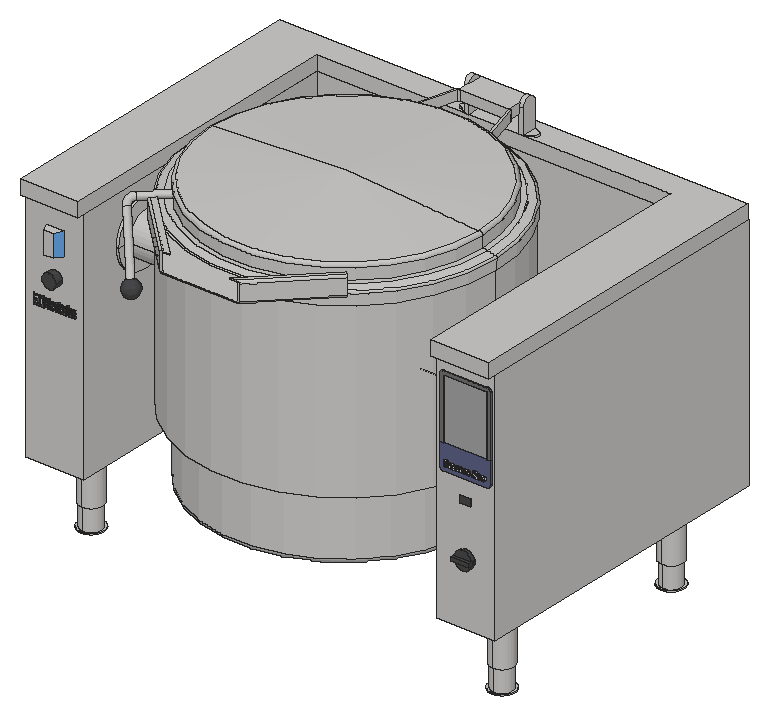
Revit family "QF_ELECTROLUXPROFESSIONAL_587104_PBOT15ECIO", category Attrezzature speciali, Revit 2020 (continued)
Definition of nested family "QF_ELECTROLUXPROFESSIONAL_PBOT900_LEFT"
  Automatic sketch dimensions
    Extrusion 5 sketch curve to Extrusion 5 sketch curve = 1.497 mm
    Extrusion 5 sketch curve to Extrusion 5 sketch curve = 1.979 mm
    Extrusion 5 sketch curve to Extrusion 5 sketch curve = 1.653 mm
    Extrusion 5 sketch curve to Extrusion 5 sketch curve = 0.085 mm
    Extrusion 5 sketch curve to Extrusion 5 sketch curve = 0.315 mm
    Extrusion 5 sketch curve to Extrusion 5 sketch curve = 3.811 mm
    Extrusion 5 sketch curve to Extrusion 5 sketch curve = 2.136 mm  (x2)
    Extrusion 5 sketch curve to Extrusion 5 sketch curve = 2.352 mm  (x2)
    Extrusion 5 sketch curve to plane 10 "TOP" = 289.122 mm
    Extrusion 5 sketch curve to Extrusion 5 sketch curve = 3.797 mm
    Extrusion 5 sketch curve to plane 10 "TOP" = 296.104 mm
    Extrusion 5 sketch curve to Extrusion 5 sketch curve = 1.528 mm
    Extrusion 5 sketch curve to plane 10 "TOP" = 290.598 mm
    Extrusion 5 sketch curve to Extrusion 5 sketch curve = 1.476 mm
    Extrusion 5 sketch curve to plane 10 "TOP" = 294.635 mm
    Extrusion 5 sketch curve to Extrusion 5 sketch curve = 1.469 mm
    Extrusion 5 sketch curve to Extrusion 5 sketch curve = 3.728 mm
    Extrusion 5 sketch curve to Extrusion 5 sketch curve = 0.046 mm
    Extrusion 5 sketch curve to Extrusion 5 sketch curve = 0.177 mm
    Extrusion 5 sketch curve to Extrusion 5 sketch curve = 0.947 mm
    Extrusion 5 sketch curve to Extrusion 5 sketch curve = 0.308 mm
    Extrusion 5 sketch curve to Extrusion 5 sketch curve = 0.091 mm
    Extrusion 5 sketch curve to Extrusion 5 sketch curve = 2.375 mm
    Extrusion 5 sketch curve to Extrusion 5 sketch curve = 0.94 mm
    Extrusion 5 sketch curve to Extrusion 5 sketch curve = 0.54 mm
    Extrusion 5 sketch curve to Extrusion 5 sketch curve = 0.102 mm
    Extrusion 5 sketch curve to Extrusion 5 sketch curve = 0.002 mm  (x4)
    Extrusion 5 sketch curve to Extrusion 5 sketch curve = 0.105 mm
    Extrusion 5 sketch curve to Extrusion 5 sketch curve = 0.097 mm
    Extrusion 5 sketch curve to Extrusion 5 sketch curve = 3.982 mm
    Extrusion 5 sketch curve to Extrusion 5 sketch curve = 0.17 mm
    Extrusion 5 sketch curve to Extrusion 5 sketch curve = 6.49 mm
    Extrusion 5 sketch curve to Extrusion 5 sketch curve = 1.777 mm
    Extrusion 5 sketch curve to plane 10 "TOP" = 296.072 mm
    Extrusion 5 sketch curve to Extrusion 5 sketch curve = 0.63 mm
    Extrusion 5 sketch curve to Extrusion 5 sketch curve = 1.001 mm
    Extrusion 5 sketch curve to plane 10 "TOP" = 294.678 mm
    Extrusion 5 sketch curve to Extrusion 5 sketch curve = 1.393 mm
    Extrusion 5 sketch curve to Extrusion 5 sketch curve = 2.363 mm
    Extrusion 5 sketch curve to Extrusion 5 sketch curve = 2.253 mm
    Extrusion 5 sketch curve to Extrusion 5 sketch curve = 0.014 mm  (x4)
    Extrusion 5 sketch curve to Extrusion 5 sketch curve = 0.172 mm
    Extrusion 5 sketch curve to Extrusion 5 sketch curve = 0.096 mm
    Extrusion 5 sketch curve to Extrusion 5 sketch curve = 0.164 mm
    Extrusion 5 sketch curve to Extrusion 5 sketch curve = 0.298 mm
    Extrusion 5 sketch curve to Extrusion 5 sketch curve = 0.247 mm
    Extrusion 5 sketch curve to Extrusion 5 sketch curve = 0.084 mm
    Extrusion 5 sketch curve to Extrusion 5 sketch curve = 6.484 mm
    Extrusion 5 sketch curve to Extrusion 5 sketch curve = 2.596 mm
    Extrusion 5 sketch curve to Extrusion 5 sketch curve = 0.059 mm  (x2)
    Extrusion 5 sketch curve to Extrusion 5 sketch curve = 3.889 mm
    Extrusion 5 sketch curve to plane 10 "TOP" = 307.979 mm
    Extrusion 5 sketch curve to Extrusion 5 sketch curve = 6.029 mm
    Extrusion 5 sketch curve to plane 10 "TOP" = 305.988 mm
    Extrusion 5 sketch curve to Extrusion 5 sketch curve = 0.929 mm
    Extrusion 5 sketch curve to Extrusion 5 sketch curve = 1.102 mm
    Extrusion 5 sketch curve to Extrusion 5 sketch curve = 0.756 mm  (x2)
    Extrusion 5 sketch curve to plane 10 "TOP" = 306.353 mm
    Extrusion 5 sketch curve to Extrusion 5 sketch curve = 0.852 mm
    Extrusion 5 sketch curve to Extrusion 5 sketch curve = 0.108 mm
    Extrusion 5 sketch curve to Extrusion 5 sketch curve = 0.101 mm
    Extrusion 5 sketch curve to Extrusion 5 sketch curve = 0.072 mm
    Extrusion 5 sketch curve to Extrusion 5 sketch curve = 1.67 mm
    Extrusion 5 sketch curve to Extrusion 5 sketch curve = 1.834 mm
    Extrusion 5 sketch curve to Extrusion 5 sketch curve = 0.366 mm
    Extrusion 5 sketch curve to Extrusion 5 sketch curve = 0.993 mm
    Extrusion 5 sketch curve to Extrusion 5 sketch curve = 0.81 mm
    Extrusion 5 sketch curve to Extrusion 5 sketch curve = 1.026 mm  (x2)
    Extrusion 5 sketch curve to Extrusion 5 sketch curve = 4.272 mm
    Extrusion 5 sketch curve to Extrusion 5 sketch curve = 0.163 mm
    Extrusion 5 sketch curve to Extrusion 5 sketch curve = 0.551 mm
    Extrusion 5 sketch curve to Extrusion 5 sketch curve = 6.11 mm
    Extrusion 5 sketch curve to Extrusion 5 sketch curve = 1.451 mm
    Extrusion 5 sketch curve to Extrusion 5 sketch curve = 5.217 mm
    Extrusion 5 sketch curve to Extrusion 5 sketch curve = 0.045 mm  (x2)
    Extrusion 5 sketch curve to Extrusion 5 sketch curve = 0.241 mm
    Extrusion 5 sketch curve to Extrusion 5 sketch curve = 0.039 mm
    Extrusion 5 sketch curve to Extrusion 5 sketch curve = 1.134 mm
    Extrusion 5 sketch curve to Extrusion 5 sketch curve = 2.351 mm
    Extrusion 5 sketch curve to Extrusion 5 sketch curve = 3.993 mm
    Extrusion 5 sketch curve to Extrusion 5 sketch curve = 10.128 mm
    Extrusion 5 sketch curve to Extrusion 5 sketch curve = 0.956 mm
    Extrusion 5 sketch curve to Extrusion 5 sketch curve = 1.263 mm
    Extrusion 5 sketch curve to Extrusion 5 sketch curve = 2.577 mm
    Extrusion 5 sketch curve to Extrusion 5 sketch curve = 0.243 mm
    Extrusion 5 sketch curve to Extrusion 5 sketch curve = 0.031 mm
    Extrusion 5 sketch curve to Extrusion 5 sketch curve = 7.148 mm
    Extrusion 5 sketch curve to Extrusion 5 sketch curve = 1.502 mm
    Extrusion 5 sketch curve to Extrusion 5 sketch curve = 11.54 mm
    Extrusion 5 sketch curve to Extrusion 5 sketch curve = 11.758 mm
    Extrusion 5 sketch curve to Extrusion 5 sketch curve = 4.097 mm
    Extrusion 5 sketch curve to Extrusion 5 sketch curve = 0.011 mm
    Extrusion 5 sketch curve to Extrusion 5 sketch curve = 4.488 mm
    Extrusion 5 sketch curve to Extrusion 5 sketch curve = 11.908 mm
    Extrusion 5 sketch curve to Extrusion 5 sketch curve = 2.236 mm
    Extrusion 5 sketch curve to Extrusion 5 sketch curve = 0.22 mm
    Extrusion 5 sketch curve to Extrusion 5 sketch curve = 0.319 mm
    Extrusion 5 sketch curve to Extrusion 5 sketch curve = 1.192 mm
    Extrusion 5 sketch curve to Extrusion 5 sketch curve = 3.577 mm  (x2)
    Extrusion 5 sketch curve to Extrusion 5 sketch curve = 3.444 mm  (x2)
    Extrusion 5 sketch curve to Extrusion 5 sketch curve = 1.626 mm  (x2)
    Extrusion 5 sketch curve to Extrusion 5 sketch curve = 2.021 mm
    Extrusion 5 sketch curve to Extrusion 5 sketch curve = 2.967 mm
    Extrusion 5 sketch curve to Extrusion 5 sketch curve = 1.22 mm
    Extrusion 5 sketch curve to Extrusion 5 sketch curve = 3.412 mm
    Extrusion 5 sketch curve to Extrusion 5 sketch curve = 0.892 mm  (x3)
    Extrusion 5 sketch curve to Extrusion 5 sketch curve = 0.58 mm  (x2)
    Extrusion 5 sketch curve to Extrusion 5 sketch curve = 2.117 mm
    Extrusion 5 sketch curve to Extrusion 5 sketch curve = 0.295 mm  (x2)
    Extrusion 5 sketch curve to Extrusion 5 sketch curve = 0.618 mm
    Extrusion 5 sketch curve to Extrusion 5 sketch curve = 1.65 mm
    Extrusion 5 sketch curve to Extrusion 5 sketch curve = 1.662 mm
    Extrusion 5 sketch curve to Extrusion 5 sketch curve = 0.013 mm  (x2)
    Extrusion 5 sketch curve to Extrusion 5 sketch curve = 0.292 mm
    Extrusion 5 sketch curve to Extrusion 5 sketch curve = 0.107 mm  (x2)
    Extrusion 5 sketch curve to Extrusion 5 sketch curve = 0.068 mm  (x2)
    Extrusion 5 sketch curve to Extrusion 5 sketch curve = 2.361 mm
    Extrusion 5 sketch curve to Extrusion 5 sketch curve = 2.359 mm
    Extrusion 5 sketch curve to Extrusion 5 sketch curve = 0.531 mm  (x2)
    Extrusion 5 sketch curve to Extrusion 5 sketch curve = 0.928 mm  (x2)
    Extrusion 5 sketch curve to Extrusion 5 sketch curve = 1.058 mm
    Extrusion 5 sketch curve to Extrusion 5 sketch curve = 0.297 mm  (x2)
    Extrusion 5 sketch curve to Extrusion 5 sketch curve = 0.155 mm  (x2)
    Extrusion 5 sketch curve to Extrusion 5 sketch curve = 0.182 mm  (x2)
    Extrusion 5 sketch curve to Extrusion 5 sketch curve = 0.607 mm  (x2)
    Extrusion 5 sketch curve to Extrusion 5 sketch curve = 0.372 mm  (x2)
    Extrusion 5 sketch curve to Extrusion 5 sketch curve = 0.016 mm  (x2)
    Extrusion 5 sketch curve to Extrusion 5 sketch curve = 0.996 mm
    Extrusion 5 sketch curve to Extrusion 5 sketch curve = 0.93 mm
    Extrusion 5 sketch curve to Extrusion 5 sketch curve = 0.709 mm  (x2)
    Extrusion 5 sketch curve to Extrusion 5 sketch curve = 1.017 mm
    Extrusion 5 sketch curve to Extrusion 5 sketch curve = 4.718 mm
    Extrusion 5 sketch curve to Extrusion 5 sketch curve = 0.891 mm
    Extrusion 5 sketch curve to Extrusion 5 sketch curve = 3.826 mm
    Extrusion 5 sketch curve to Extrusion 5 sketch curve = 0.954 mm
    Extrusion 5 sketch curve to Extrusion 5 sketch curve = 5.576 mm
    Extrusion 5 sketch curve to Extrusion 5 sketch curve = 5.661 mm  (x2)
    Extrusion 5 sketch curve to Extrusion 5 sketch curve = 0.006 mm
    Extrusion 5 sketch curve to Extrusion 5 sketch curve = 2.203 mm
    Extrusion 5 sketch curve to Extrusion 5 sketch curve = 2.21 mm
    Extrusion 5 sketch curve to Extrusion 5 sketch curve = 1.607 mm
    Extrusion 5 sketch curve to Extrusion 5 sketch curve = 3.92 mm
    Extrusion 5 sketch curve to Extrusion 5 sketch curve = 0.05 mm
    Extrusion 5 sketch curve to Extrusion 5 sketch curve = 1.776 mm
    Extrusion 5 sketch curve to Extrusion 5 sketch curve = 4.017 mm
    Extrusion 5 sketch curve to Extrusion 5 sketch curve = 0.196 mm  (x2)
    Extrusion 5 sketch curve to Extrusion 5 sketch curve = 0.19 mm
    Extrusion 5 sketch curve to Extrusion 5 sketch curve = 1.312 mm
    Extrusion 5 sketch curve to Extrusion 5 sketch curve = 0.146 mm
    Extrusion 5 sketch curve to Extrusion 5 sketch curve = 2.831 mm
    Extrusion 5 sketch curve to Extrusion 5 sketch curve = 0.387 mm
    Extrusion 5 sketch curve to Extrusion 5 sketch curve = 0.174 mm
    Extrusion 5 sketch curve to Extrusion 5 sketch curve = 4.623 mm
    Extrusion 5 sketch curve to Extrusion 5 sketch curve = 1.754 mm
    Extrusion 5 sketch curve to Extrusion 5 sketch curve = 0.188 mm
    Extrusion 5 sketch curve to Extrusion 5 sketch curve = 0.02 mm
    Extrusion 5 sketch curve to Extrusion 5 sketch curve = 0.313 mm
    Extrusion 5 sketch curve to Extrusion 5 sketch curve = 0.12 mm
    Extrusion 5 sketch curve to Extrusion 5 sketch curve = 0.062 mm
    Extrusion 5 sketch curve to Extrusion 5 sketch curve = 0.568 mm
    Extrusion 5 sketch curve to Extrusion 5 sketch curve = 0.095 mm
    Extrusion 5 sketch curve to Extrusion 5 sketch curve = 0.357 mm
    Extrusion 5 sketch curve to Extrusion 5 sketch curve = 0.008 mm
    Extrusion 5 sketch curve to Extrusion 5 sketch curve = 0.36 mm
    Extrusion 5 sketch curve to Extrusion 5 sketch curve = 3.784 mm
    Extrusion 5 sketch curve to Extrusion 5 sketch curve = 1.654 mm
    Extrusion 5 sketch curve to Extrusion 5 sketch curve = 1.454 mm
    Extrusion 5 sketch curve to Extrusion 5 sketch curve = 3.429 mm
    Extrusion 5 sketch curve to Extrusion 5 sketch curve = 1.094 mm
    Extrusion 5 sketch curve to Extrusion 5 sketch curve = 2.218 mm
    Extrusion 5 sketch curve to Extrusion 5 sketch curve = 1.404 mm
    Extrusion 5 sketch curve to Extrusion 5 sketch curve = 5.959 mm
    Extrusion 5 sketch curve to Extrusion 5 sketch curve = 1.424 mm
    Extrusion 5 sketch curve to Extrusion 5 sketch curve = 3.23 mm
    Extrusion 5 sketch curve to Extrusion 5 sketch curve = 1.975 mm
    Extrusion 5 sketch curve to Extrusion 5 sketch curve = 3.779 mm
    Extrusion 5 sketch curve to Extrusion 5 sketch curve = 2.212 mm
    Extrusion 5 sketch curve to Extrusion 5 sketch curve = 3.78 mm
    Extrusion 5 sketch curve to Extrusion 5 sketch curve = 1.279 mm
    Extrusion 5 sketch curve to Extrusion 5 sketch curve = 1.343 mm  (x2)
    Extrusion 5 sketch curve to Extrusion 5 sketch curve = 1.353 mm  (x2)
    Extrusion 5 sketch curve to Extrusion 5 sketch curve = 0.027 mm  (x2)
    Extrusion 5 sketch curve to Extrusion 5 sketch curve = 0.395 mm  (x2)
    Extrusion 5 sketch curve to Extrusion 5 sketch curve = 0.329 mm  (x2)
    Extrusion 5 sketch curve to Extrusion 5 sketch curve = 0.425 mm  (x2)
    Extrusion 5 sketch curve to Extrusion 5 sketch curve = 0.051 mm  (x2)
    Extrusion 5 sketch curve to Extrusion 5 sketch curve = 0.495 mm  (x2)
    Extrusion 5 sketch curve to Extrusion 5 sketch curve = 0.267 mm  (x2)
    Extrusion 5 sketch curve to Extrusion 5 sketch curve = 1.4 mm
    Extrusion 5 sketch curve to Extrusion 5 sketch curve = 5.233 mm
    Extrusion 5 sketch curve to Extrusion 5 sketch curve = 2.062 mm
    Extrusion 6 sketch curve to plane 13 "HW_CW" = 0.0 mm  (x2)
    Extrusion 6 sketch curve to plane 15 = 0.0 mm
    Extrusion 6 sketch curve to plane 14 = 0.0 mm
    radius of Extrusion 2 sketch curve = 20.0 mm
    radius of Extrusion 3 sketch curve = 6.35 mm  (x2)
    radius of Extrusion 5 sketch curve = 2.453 mm
    radius of Extrusion 5 sketch curve = 1.557 mm
    radius of Extrusion 5 sketch curve = 1.468 mm
    radius of Extrusion 5 sketch curve = 2.451 mm
    radius of Extrusion 6 sketch curve = 5.0 mm  (x2)
Definition of nested family "QF_ELECTROLUXPROFESSIONAL_PBOT900_RIGHT"
  Parameters
    Width = 160.0 mm
    Right = Width / 2  # 80.0 mm
    Default Elevation = 0.0 mm
    Left = -Width / 2  # -80.0 mm
    Htop = 40.0 mm
    Height = 900.0 mm
    HBase = 200.0 mm
    EI_z = 250.0 mm
    EI_y = 239.0 mm
    Depth = 900.0 mm
    BorderFront = 20.0 mm
    Body Finish [instance] = none
  Reference planes
    plane 1 "Center (Front/Back)": y = 0
    plane 2: z = 0
    plane 3 "Center (Left/Right)": x = 0
    plane 4 "LEFT": x = -80
    plane 5 "RIGHT": x = 80
    plane 6 "BACK": y = 450
    plane 7 "FRONT": y = -450
    plane 8 "Base": z = 200
    plane 9 "TOP": z = 900
    plane 10 "BorderFront": y = -430
    plane 11: z = 860
    plane 12 "EI": z = 450
    plane 13: y = 211
  Forms (mm)
    Extrusion 1, solid
      sketch origin (0, 0, 0) x (1, 0, 0) y (0, 1, 0)
        loop
          line (-80, 450) -> (-80, -430) -> (80, -430) -> (80, 450) -> (-80, 450)
      from 860 to 200
    Extrusion 2, solid
      sketch origin (0, -430, 0) x (-1, 0, 0) y (0, 0, 1)
        loop
          line (59.714, 823.989) -> (-61.821, 823.989)
          arc (-61.821, 823.989) -> (-68.892, 821.06) -> (-71.821, 813.989) r 10
          line (-71.821, 813.989) -> (-71.821, 644.744) -> (-61.821, 644.744) -> (-61.821, 813.989) -> (59.714, 813.989) -> (59.714, 644.744) -> (69.714, 644.744) -> (69.714, 813.989)
          arc (69.714, 813.989) -> (66.786, 821.06) -> (59.714, 823.989) r 10
      from 0 to -3
    Extrusion 3, solid
      sketch origin (0, -430, 0) x (-1, 0, 0) y (0, 0, 1)
        loop
          circle (0, 375.28) r 25
      from 0 to -10
    Extrusion 4, solid
      sketch origin (0, -430, 0) x (-1, 0, 0) y (0, 0, 1)
        loop
          line (24.382, 380.806) -> (-24.382, 380.806)
          arc (-24.382, 380.806) -> (-25, 375.28) -> (-24.382, 369.753) r 25
          line (-24.382, 369.753) -> (24.382, 369.753)
          arc (24.382, 369.753) -> (25, 375.28) -> (24.382, 380.806) r 25
      from 0 to -20
    Extrusion 5, solid
      sketch origin (0, -430, 0) x (-1, 0, 0) y (0, 0, 1)
        loop
          line (69.714, 585) -> (69.714, 644.744) -> (-71.821, 644.744) -> (-71.821, 585)
          arc (-71.821, 585) -> (-68.892, 577.929) -> (-61.821, 575) r 10
          line (-61.821, 575) -> (59.714, 575)
          arc (59.714, 575) -> (66.786, 577.929) -> (69.714, 585) r 10
      from -3 to 0
    Extrusion 6, solid
      sketch origin (234.714, -430, 0) x (-1, 0, 0) y (0, 0, 1)
        loop
          line (294.429, 813.989) -> (172.894, 813.989) -> (172.894, 644.744) -> (294.429, 644.744) -> (294.429, 813.989)
      from 0 to -3
    Extrusion 7, solid
      sketch origin (0, -430, 0) x (-1, 0, 0) y (0, 0, 1)
        loop
          line (15, 530) -> (-15, 530) -> (-15, 510) -> (15, 510) -> (15, 530)
      from -1.6 to 0
    Extrusion 8, solid
      sketch origin (0, 450, 0) x (-1, 0, 0) y (0, 0, 1)
        loop
          circle (0, 450) r 5
      from 0 to 2
    Extrusion 9, solid
      sketch origin (0, 0, 200) x (0, 1, 0) y (-1, 0, 0)
        loop
          circle (211, 0) r 10
      from 0 to -3
  Lines and regions (mm)
    symbolic lines
      curve 1: line (-80, 450, 0) -> (80, 450, 0)
      curve 2: line (80, 450, 0) -> (80, -430, 0)
  Dimensions and locks
    "Width": plane 4 "LEFT" to plane 5 "RIGHT"
    equal spacing: plane 4 "LEFT", plane 3 "Center (Left/Right)", plane 5 "RIGHT"
    equal spacing: plane 6 "BACK", plane 1 "Center (Front/Back)", plane 7 "FRONT"
    "Depth": plane 6 "BACK" to plane 7 "FRONT"
    "BorderFront": plane 10 "BorderFront" to plane 7 "FRONT"
    "Htop": plane 9 "TOP" to plane 11
    "Height": plane 9 "TOP" to level
    "HBase": plane 8 "Base" to level
    Extrusion 4 sketch curve to Extrusion 4 sketch curve = 11.053 mm
    "EI_y": plane 6 "BACK" to plane 13
    "EI_z": plane 12 "EI" to plane 8 "Base"
    aligned and locked: level to plane 2
    aligned and locked: plane 10 "BorderFront" to Extrusion 1 sketch curve
    aligned and locked: plane 11 to Extrusion 1
    aligned and locked: Extrusion 1 to plane 8 "Base"
    aligned and locked: plane 4 "LEFT" to Extrusion 1 sketch curve
    aligned and locked: Extrusion 1 sketch curve to plane 5 "RIGHT"
    aligned and locked: Extrusion 1 sketch curve to plane 6 "BACK"
  Automatic sketch dimensions
    Extrusion 3 sketch curve to plane 3 "Center (Left/Right)" = 0.0 mm
    plane 8 "Base" to Extrusion 3 sketch curve = 175.28 mm
    Extrusion 4 sketch curve to Extrusion 4 sketch curve = 0.0 mm  (x3)
    Extrusion 4 sketch curve to plane 3 "Center (Left/Right)" = 0.0 mm
    plane 3 "Center (Left/Right)" to Extrusion 4 sketch curve = 24.382 mm
    Extrusion 4 sketch curve to plane 3 "Center (Left/Right)" = 24.382 mm
    plane 8 "Base" to Extrusion 4 sketch curve = 169.753 mm
    Extrusion 2 sketch curve to plane 5 "RIGHT" = 8.179 mm
    Extrusion 2 sketch curve to Extrusion 2 sketch curve = 10.0 mm  (x2)
    Extrusion 2 sketch curve to Extrusion 2 sketch curve = 0.0 mm  (x4)
    plane 4 "LEFT" to Extrusion 2 sketch curve = 20.286 mm
    Extrusion 2 sketch curve to plane 11 = 215.256 mm
    Extrusion 2 sketch curve to plane 11 = 46.011 mm
    Extrusion 5 sketch curve to plane 5 "RIGHT" = 8.179 mm
    plane 4 "LEFT" to Extrusion 5 sketch curve = 20.286 mm
    plane 4 "LEFT" to Extrusion 5 sketch curve = 10.286 mm
    Extrusion 5 sketch curve to plane 11 = 285.0 mm
    Extrusion 5 sketch curve to Extrusion 5 sketch curve = 59.744 mm
    Extrusion 5 sketch curve to Extrusion 5 sketch curve = 10.0 mm
    plane 4 "LEFT" to Extrusion 6 sketch curve = 20.286 mm
    Extrusion 6 sketch curve to plane 11 = 46.011 mm
    Extrusion 6 sketch curve to plane 5 "RIGHT" = 18.179 mm
    Extrusion 6 sketch curve to Extrusion 6 sketch curve = 169.244 mm
    Extrusion 8 sketch curve to plane 3 "Center (Left/Right)" = 0.0 mm
    Extrusion 8 sketch curve to plane 12 "EI" = 0.0 mm
    curve 1 to plane 4 "LEFT" = 0.0 mm
    curve 1 to plane 5 "RIGHT" = 0.0 mm
    curve 2 to plane 10 "BorderFront" = 0.0 mm
    curve 1 to plane 6 "BACK" = 0.0 mm
    plane 3 "Center (Left/Right)" to Extrusion 7 sketch curve = 15.0 mm
    Extrusion 7 sketch curve to plane 3 "Center (Left/Right)" = 15.0 mm
    plane 12 "EI" to Extrusion 7 sketch curve = 60.0 mm
    Extrusion 7 sketch curve to Extrusion 7 sketch curve = 20.0 mm
    Extrusion 9 sketch curve to plane 3 "Center (Left/Right)" = 0.0 mm
    Extrusion 9 sketch curve to plane 13 = 0.0 mm
    radius of Extrusion 3 sketch curve = 25.0 mm
    radius of Extrusion 8 sketch curve = 5.0 mm
    radius of Extrusion 9 sketch curve = 10.0 mm
  Nested families
    nested 1: "ELX_ThermaLine" at (-0.906, -433, 593.675) x (1, 0, 0) z (0, -1, 0), type "ELX_ThermaLine"
      with Show Logo yes, Material_Logo none
  Definition of nested family "ELX_ThermaLine"
    Parameters
      Show Logo [instance] = yes
      Material_Logo [instance] = none
      Default Elevation = 0.0 mm
    Reference planes
      plane 1 "Centro (Fronte/Retro)": y = 0
      plane 2: z = 0
      plane 3 "Centro (Sinistra/Destra)": x = 0
    Forms (mm)
      Extrusion 1, solid
        sketch origin (0, 0, 0) x (1, 0, 0) y (0, 1, 0)
          loop
            line (-1219.2, 1219.2) -> (-1219.2, -1219.2) -> (1219.2, -1219.2) -> (1219.2, 1219.2) -> (-1219.2, 1219.2)
        from 0 to -304.8
      Extrusion 2, solid
        sketch origin (0, 0, 0) x (1, 0, 0) y (0, 1, 0)
          loop
            line (-52.84, 4.345) -> (-50.793, 4.345) -> (-50.793, 6.716) -> (-52.84, 6.716) -> (-52.84, 10.788) -> (-55.901, 9.058) -> (-55.901, 6.716) -> (-57.324, 6.716) -> (-57.324, 4.345) -> (-55.901, 4.345) -> (-55.901, -1.637)
            arc (-55.901, -1.637) -> (-54.76, -4.355) -> (-51.88, -4.985) r 3.198
            line (-51.88, -4.985) -> (-50.444, -4.597) -> (-50.782, -2.189) -> (-51.765, -2.453)
            arc (-51.765, -2.453) -> (-52.506, -2.305) -> (-52.84, -1.628) r 0.854
            line (-52.84, -1.628) -> (-52.84, 4.345)
          loop
            line (-48.642, 11.198) -> (-48.642, -4.787) -> (-45.561, -4.787) -> (-45.561, 2.659)
            arc (-45.561, 2.659) -> (-44.379, 4.372) -> (-42.304, 4.523) r 2.408
            arc (-42.304, 4.523) -> (-41.484, 3.75) -> (-41.182, 2.665) r 2.099
            line (-41.182, 2.665) -> (-41.182, -4.787) -> (-38.117, -4.787) -> (-38.088, 2.166)
            arc (-38.088, 2.166) -> (-38.343, 3.963) -> (-39.021, 5.646) r 7.517
            arc (-39.021, 5.646) -> (-42.369, 6.971) -> (-45.561, 5.303) r 4.327
            line (-45.561, 5.303) -> (-45.561, 11.198) -> (-48.642, 11.198)
          loop
            arc (-28.196, 1.988) -> (-28.834, 3.893) -> (-30.683, 4.679) r 2.449
            arc (-30.683, 4.679) -> (-32.149, 3.674) -> (-32.711, 1.988) r 2.793
            line (-32.711, 1.988) -> (-28.196, 1.988)
          loop
            arc (-25.128, 0.121) -> (-26.074, 4.342) -> (-29.545, 6.923) r 6.212
            arc (-29.545, 6.923) -> (-33.021, 6.358) -> (-35.352, 3.718) r 5.232
            arc (-35.352, 3.718) -> (-35.918, 1.148) -> (-35.633, -1.468) r 8.117
            arc (-35.633, -1.468) -> (-34.524, -3.319) -> (-32.789, -4.603) r 5.523
            arc (-32.789, -4.603) -> (-28.402, -4.744) -> (-25.297, -1.641) r 5.523
            line (-25.297, -1.641) -> (-28.327, -1.106)
            arc (-28.327, -1.106) -> (-29.324, -2.396) -> (-30.951, -2.501) r 1.982
            arc (-30.951, -2.501) -> (-32.276, -1.475) -> (-32.789, 0.121) r 2.835
            line (-32.789, 0.121) -> (-25.128, 0.121)
          loop
            line (-22.733, -4.787) -> (-19.705, -4.787) -> (-19.705, 0)
            arc (-19.705, 0) -> (-19.663, 1.267) -> (-19.469, 2.521) r 10.557
            arc (-19.469, 2.521) -> (-18.189, 4.014) -> (-16.237, 3.761) r 2.069
            line (-16.237, 3.761) -> (-15.318, 6.433)
            arc (-15.318, 6.433) -> (-17.915, 6.783) -> (-19.931, 5.11) r 3.262
            line (-19.931, 5.11) -> (-19.931, 6.752) -> (-22.733, 6.752) -> (-22.733, -4.787)
          loop
            line (-14.233, 6.752) -> (-14.233, -4.787) -> (-11.135, -4.787) -> (-11.135, 1.783)
            arc (-11.135, 1.783) -> (-10.552, 3.635) -> (-8.862, 4.59) r 2.646
            arc (-8.862, 4.59) -> (-7.677, 3.931) -> (-7.234, 2.65) r 1.899
            line (-7.234, 2.65) -> (-7.234, -4.787) -> (-4.155, -4.787) -> (-4.155, 1.467)
            arc (-4.155, 1.467) -> (-3.845, 2.923) -> (-2.97, 4.128) r 3.581
            arc (-2.97, 4.128) -> (-1.581, 4.474) -> (-0.516, 3.516) r 1.525
            arc (-0.516, 3.516) -> (-0.324, 2.735) -> (-0.304, 1.931) r 3.735
            line (-0.304, 1.931) -> (-0.304, -4.787) -> (2.776, -4.787) -> (2.776, 3.096)
            arc (2.776, 3.096) -> (1.833, 5.68) -> (-0.612, 6.942) r 3.784
            arc (-0.612, 6.942) -> (-2.795, 6.596) -> (-4.513, 5.205) r 4.271
            arc (-4.513, 5.205) -> (-5.893, 6.457) -> (-7.686, 6.964) r 4.079
            arc (-7.686, 6.964) -> (-9.75, 6.555) -> (-11.39, 5.237) r 4.412
            line (-11.39, 5.237) -> (-11.39, 6.752) -> (-14.233, 6.752)
          loop
            line (5.334, 3.712) -> (8.069, 3.23)
            arc (8.069, 3.23) -> (10.312, 4.685) -> (12.137, 2.73) r 2.082
            line (12.137, 2.73) -> (8.171, 1.741)
            arc (8.171, 1.741) -> (6.593, 1.022) -> (5.378, -0.215) r 4.758
            arc (5.378, -0.215) -> (5.225, -1.991) -> (5.744, -3.697) r 4.711
            arc (5.744, -3.697) -> (7.301, -4.682) -> (9.118, -4.992) r 4.691
            arc (9.118, -4.992) -> (10.903, -4.593) -> (12.411, -3.558) r 4.818
            line (12.411, -3.558) -> (12.81, -4.787) -> (15.873, -4.787) -> (15.179, -2.652) -> (15.179, 3.25)
            arc (15.179, 3.25) -> (14.773, 5.146) -> (13.38, 6.496) r 3.336
            arc (13.38, 6.496) -> (10.765, 7.201) -> (8.091, 6.773) r 6.459
            arc (8.091, 6.773) -> (6.348, 5.57) -> (5.334, 3.712) r 4.569
          loop
            line (21.001, -4.787) -> (24.24, -4.787) -> (27.623, 11.127) -> (24.384, 11.127) -> (21.001, -4.787)
          loop
            line (27.273, -4.787) -> (30.332, -4.787) -> (32.777, 6.716) -> (29.718, 6.716) -> (27.273, -4.787)
          loop
            line (30.656, 11.127) -> (30.058, 8.314) -> (33.117, 8.314) -> (33.715, 11.127) -> (30.656, 11.127)
          loop
            line (33.431, -4.787) -> (36.649, -4.787) -> (38.261, 2.796)
            arc (38.261, 2.796) -> (39.644, 4.445) -> (41.791, 4.594) r 2.751
            arc (41.791, 4.594) -> (42.425, 3.729) -> (42.502, 2.659) r 1.936
            line (42.502, 2.659) -> (40.919, -4.787) -> (43.989, -4.787) -> (45.795, 3.712)
            arc (45.795, 3.712) -> (45.588, 5.458) -> (44.361, 6.716) r 2.734
            arc (44.361, 6.716) -> (41.222, 6.857) -> (38.516, 5.259) r 5.512
            line (38.516, 5.259) -> (38.826, 6.716) -> (35.876, 6.716) -> (33.431, -4.787)
          loop
            line (50.773, 1.934) -> (55.672, 1.934)
            arc (55.672, 1.934) -> (55.737, 2.919) -> (55.334, 3.821) r 2.051
            arc (55.334, 3.821) -> (53.773, 4.722) -> (52.024, 4.287) r 2.407
            arc (52.024, 4.287) -> (51.223, 3.203) -> (50.773, 1.934) r 4.566
          loop
            line (50.479, 0) -> (58.259, 0)
            arc (58.259, 0) -> (58.241, 3.53) -> (56.181, 6.396) r 5.8
            arc (56.181, 6.396) -> (52.577, 6.992) -> (49.395, 5.199) r 5.498
            arc (49.395, 5.199) -> (47.819, 2.372) -> (47.536, -0.853) r 7.747
            arc (47.536, -0.853) -> (48.406, -3.006) -> (50.236, -4.437) r 4.494
            arc (50.236, -4.437) -> (52.672, -4.934) -> (55.109, -4.437) r 6.224
            arc (55.109, -4.437) -> (56.76, -3.346) -> (57.916, -1.739) r 5.478
            line (57.916, -1.739) -> (55.129, -1.247)
            arc (55.129, -1.247) -> (53.897, -2.495) -> (52.149, -2.637) r 2.52
            arc (52.149, -2.637) -> (50.809, -1.638) -> (50.479, 0) r 2.336
          loop
            line (12.154, 0.755) -> (8.732, -0.098)
            arc (8.732, -0.098) -> (8.126, -1.288) -> (8.732, -2.478) r 1.471
            arc (8.732, -2.478) -> (10.437, -2.725) -> (11.827, -1.706) r 2.276
            arc (11.827, -1.706) -> (12.142, -0.496) -> (12.154, 0.755) r 5.123
        from 0 to 1.6
    Dimensions and locks
      aligned and locked: plane 2 to Extrusion 1
      aligned and locked: level to Extrusion 1
Definition of nested family "QF_ELECTROLUXPROFESSIONAL_2FEET_THL_120xH200"
  Parameters
    Width = 120.0 mm
    Right = Width / 2  # 60.0 mm
    Default Elevation = 0.0 mm
    Left = -Width / 2  # -60.0 mm
    Height = 200.0 mm
    HBase = Height - 15.0 mm  # 185.0 mm
    Depth = 880.0 mm
  Reference planes
    plane 1 "Center (Front/Back)": y = 0
    plane 2: z = 0
    plane 3 "Center (Left/Right)": x = 0
    plane 4 "LEFT": x = -60
    plane 5 "RIGHT": x = 60
    plane 6 "BACK": y = 440
    plane 7 "FRONT": y = -440
    plane 8 "Base": z = 185
    plane 9 "TOP": z = 200
    plane 10: y = 283
    plane 11: y = -304
    plane 12: y = 368
    plane 13: y = -388
    plane 14: x = -80
  Forms (mm)
    Extrusion 1, solid
      sketch origin (0, 0, 200) x (0, 1, 0) y (-1, 0, 0)
        loop
          line (368, 60) -> (-388, 60) -> (-388, -60) -> (368, -60) -> (368, 60)
      from 0 to -15
    Revolve 2, solid
      sketch origin (0, 0, 0) x (0, 1, 0) y (0, 0, 1)
        loop
          line (283, 0) -> (318, 0) -> (318, 2) -> (311.179, 2) -> (311.179, 63) -> (314.75, 63) -> (314.75, 185) -> (283, 185) -> (283, 0)
        axis (283, 185) -> (283, 0)
      angle from 0 to 360
    Revolve 3, solid
      sketch origin (0, 0, 0) x (0, 1, 0) y (0, 0, 1)
        loop
          line (-304, 185) -> (-304, 0) -> (-269, 0) -> (-269, 2) -> (-275.821, 2) -> (-275.821, 63) -> (-272.25, 63) -> (-272.25, 185) -> (-304, 185)
        axis (-304, 185) -> (-304, 0)
      angle from 0 to 360
  Dimensions and locks
    "Width": plane 4 "LEFT" to plane 5 "RIGHT"
    equal spacing: plane 4 "LEFT", plane 3 "Center (Left/Right)", plane 5 "RIGHT"
    equal spacing: plane 6 "BACK", plane 1 "Center (Front/Back)", plane 7 "FRONT"
    "Depth": plane 6 "BACK" to plane 7 "FRONT"
    "HBase": plane 8 "Base" to level
    "Height": plane 9 "TOP" to level
    locked: plane 6 "BACK" to plane 10 at 157
    locked: plane 10 to plane 11 at 587
    plane 6 "BACK" to plane 12 = 72.0 mm
    plane 13 to plane 7 "FRONT" = 52.0 mm
    plane 12 to plane 13 = 756.0 mm
    plane 14 to plane 3 "Center (Left/Right)" = 80.0 mm
    aligned and locked: level to plane 2
    aligned and locked: Extrusion 1 sketch curve to plane 5 "RIGHT"
    aligned and locked: plane 4 "LEFT" to Extrusion 1 sketch curve
    aligned and locked: Extrusion 1 to plane 8 "Base"
    aligned and locked: Extrusion 1 sketch curve to plane 12
    aligned and locked: plane 13 to Extrusion 1 sketch curve
  Automatic sketch dimensions
    Revolve 2 sketch curve to level = 0.0 mm
    Revolve 2 sketch curve to plane 10 = 0.0 mm  (x2)
    Revolve 2 sketch curve to plane 8 "Base" = 0.0 mm
    plane 10 to Revolve 2 sketch curve = 28.179 mm
    Revolve 2 sketch curve to Revolve 2 sketch curve = 31.75 mm
    Revolve 2 sketch curve to Revolve 2 sketch curve = 6.821 mm
    level to Revolve 2 sketch curve = 2.0 mm
    Revolve 2 sketch curve to Revolve 2 sketch curve = 61.0 mm
    Revolve 2 sketch curve to level = 50.0 mm
    plane 9 "TOP" to Revolve 2 sketch curve = 70.0 mm
    Revolve 3 sketch curve to plane 11 = 0.0 mm
    Revolve 3 sketch curve to level = 0.0 mm
    Revolve 3 sketch curve to plane 10 = 587.0 mm
    Revolve 3 sketch curve to plane 8 "Base" = 0.0 mm
    Revolve 3 sketch curve to plane 10 = 558.821 mm
    Revolve 3 sketch curve to Revolve 3 sketch curve = 3.571 mm
    Revolve 3 sketch curve to Revolve 3 sketch curve = 6.821 mm
    level to Revolve 3 sketch curve = 2.0 mm
    Revolve 3 sketch curve to Revolve 3 sketch curve = 61.0 mm
    Revolve 3 sketch curve to level = 180.0 mm
    plane 9 "TOP" to Revolve 3 sketch curve = 205.0 mm
Definition of nested family "QF_ELECTROLUXPROFESSIONAL_PBOT900_LEVEL1"
  Parameters
    Default Elevation = 0.0 mm
    Assembly Code = ""
  Reference planes
    plane 1 "Center (Front/Back)": y = 0
    plane 2: z = 0
    plane 3 "Center (Left/Right)": x = 0
  Forms (mm)
    Sweep 1, solid
      path origin (0, 0, 0) x (1, 0, 0) y (0, 0.5, 0.866025)
        loop
          line (0, 0) -> (-80, 0)
          arc (-80, 0) -> (-94.142, -5.858) -> (-100, -20) r 20
          line (-100, -20) -> (-100, -200)
      profile origin (-40, 0, 0) x (0, -0.5, -0.866025) y (0, -0.866025, 0.5)
        loop
          circle (0, 0) r 9
    Revolve 2, solid
      sketch origin (-20, 0, 0) x (1, 0, 0) y (0, 0.5, 0.866025)
        loop
          arc (-57.5, -200) -> (-80, -177.5) -> (-102.5, -200) r 22.5
          line (-102.5, -200) -> (-57.5, -200)
        axis (-102.5, -200) -> (-57.5, -200)
      angle from 0 to 360
  Lines and regions (mm)
    symbolic lines
      curve 1: line (0, -9, 0) -> (-80, -9, 0)
      curve 2: line (0, 9, 0) -> (-80, 9, 0)
      curve 3: line (-91, -80, 0) -> (-91, -15, 0)
      curve 4: line (-109, -80, 0) -> (-109, -10, 0)
      curve 5: arc (-109, -10, 0) -> (-97.335, 3.827, 0) -> (-80, 9, 0) r 31.632
      curve 6: arc (-91, -15, 0) -> (-86.265, -10.598, 0) -> (-80, -9, 0) r 13.083
      curve 7: spline (-77.953, -100, 0) -> (-78.704, -94.175, 0) -> (-80.907, -88.747, 0) -> (-84.41, -84.087, 0) -> (-88.977, -80.51, 0) -> (-94.294, -78.262, 0) -> (-100, -77.495, 0) -> (-105.706, -78.262, 0) -> (-111.023, -80.51, 0) -> (-115.59, -84.087, 0) -> (-119.093, -88.747, 0) -> (-121.296, -94.175, 0) -> (-122.047, -100, 0) -> (-121.296, -105.825, 0) -> (-119.093, -111.253, 0) -> (-115.59, -115.913, 0) -> (-111.023, -119.49, 0) -> (-105.706, -121.738, 0) -> (-100, -122.505, 0) -> (-94.294, -121.738, 0) -> (-88.977, -119.49, 0) -> (-84.41, -115.913, 0) -> (-80.907, -111.253, 0) -> (-78.704, -105.825, 0) -> (-77.953, -100, 0)
  Dimensions and locks
    aligned and locked: level to plane 2
